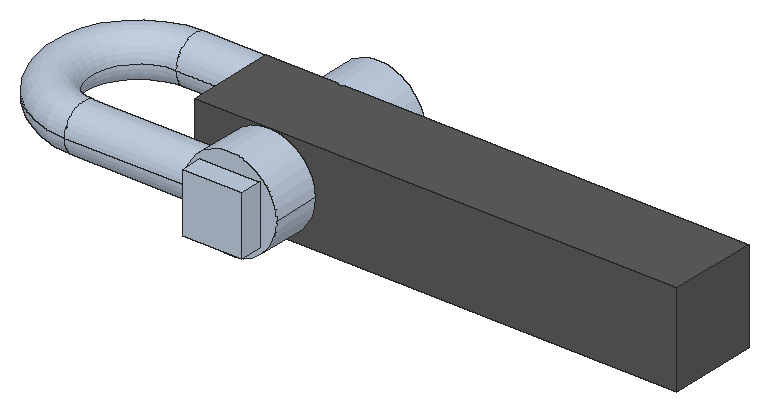
Revit family "WALER LIFTING HOOK_0331010", category Generic Models, Revit 2018
Family settings
  Can host rebar = No
  Round Connector Dimension = Use Diameter
  Part Type = Normal
  OmniClass Number = 35.51.14.00
  OmniClass Title = FORMWORK
  Work Plane-Based = Yes
  Always vertical = No
  Cut with Voids When Loaded = No
  Shared = Yes
  Room Calculation Point = No
Parameters
  VERSION = "20170217"  # constant formula
  URL = "www.ulmaconstruction.com/en"
  UNICLASS = ""
  Manufacturer = "ULMA CONSTRUCTION"  # constant formula
  ITEM_WEIGHT = 6.10 kg
  ITEM_CODE = "0331010"
  FILTER [instance] = ""
  Default Elevation = 0.000 mm
  CLASSIFICATION_TITLE = ""
  CLASSIFICATION_NUMBER = ""
Reference planes
  plane 1 "Centro (Frontal/Posterior)": y = 0
  plane 2: z = 0
  plane 3 "Centro (Izquierda/Derecha)": x = 0
  plane 4: z = 26
Forms (mm)
  Extrusion 1, solid, material "ULMA BLACK"
    sketch origin (0, 5, 5) x (0, 1, 0) y (0, 0, 1)
      loop
        line (-29, -4) -> (19, -4) -> (19, 46) -> (-29, 46) -> (-29, -4)
    from 140 to -120
  Extrusion 2, solid, material "ULMA STEEL"
    sketch origin (0, 0, 0) x (1, 0, 0) y (0, 0, 1)
      loop
        circle (-80, 26) r 25
    from 24 to 50
  Extrusion 3, solid, material "ULMA STEEL"
    sketch origin (0, 0, 0) x (1, 0, 0) y (0, 0, 1)
      loop
        circle (-80, 26) r 25
    from -50 to -24
  Extrusion 4, solid, material "ULMA STEEL"
    sketch origin (0, 0, 0) x (1, 0, 0) y (0, 0, 1)
      loop
        line (-64, 42) -> (-96, 42) -> (-96, 10) -> (-64, 10) -> (-64, 42)
    from 50 to 62
  Sweep 5, solid, material "ULMA STEEL"
    path in 3D
      loop
        line (-80, -37.5, 26) -> (-169, -37.5, 26)
        arc (-169, -37.5, 26) -> (-206.5, 0, 26) -> (-169, 37.5, 26) r 37.5
        line (-169, 37.5, 26) -> (-80, 37.5, 26)
    profile origin (-124.5, -37.5, 26) x (0, -1, 0) y (0, 0, 1)
      loop
        circle (0, 0) r 12.5
Cuts and joins
  joined: Extrusion 2, Extrusion 3, Extrusion 4, Sweep 5
Lines and regions (mm)
  model lines, style "ULMA HOOK"
    curve 1: circle (0, 0, 1) r 10.5 normal (0, 0, 1)
    curve 2: circle (100, 0, 1) r 10.5 normal (0, 0, 1)
    curve 3: circle (0, 0, 51) r 10.5 normal (0, 0, 1)
    curve 4: circle (100, 0, 51) r 10.5 normal (0, 0, 1)
  reference lines
    curve 5: line (-80, -37.5, 26) -> (-169, -37.5, 26)
    curve 6: line (-80, 37.5, 26) -> (-169, 37.5, 26)
    curve 7: arc (-169, 37.5, 26) -> (-206.5, 0, 26) -> (-169, -37.5, 26) r 37.5
  sketch lines
    curve 8: line (-80, -37.5, 26) -> (-169, -37.5, 26)
    curve 9: arc (-169, 37.5, 26) -> (-206.5, 0, 26) -> (-169, -37.5, 26) r 37.5
    curve 10: line (-80, 37.5, 26) -> (-169, 37.5, 26)
Dimensions and locks
  locked: plane 4 to plane 2 at 26
  aligned and locked: level to plane 2
